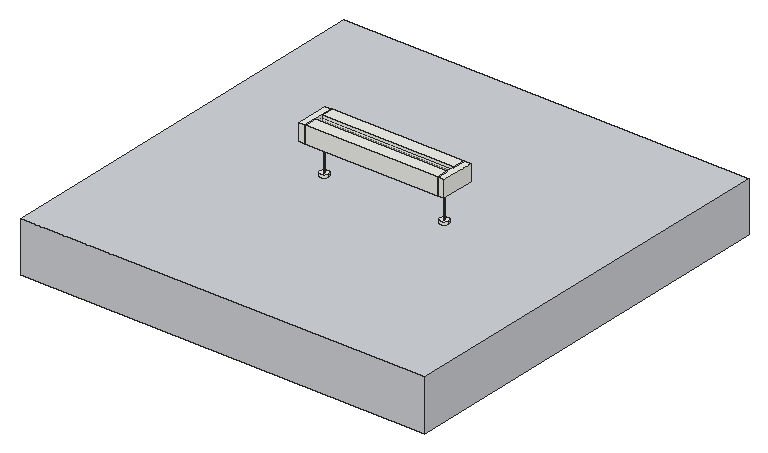
Revit family "LE_D_RE_Pendelleuchte_V1700", category Leuchten, Revit 2017
Family settings
  Basisbauteil = Fläche
  Bemaßung runder Anschluss = Durchmesser verwenden
  Teiletyp = Normal
  OmniClass-Nummer = 23.80.70.00
  OmniClass-Titel = Lighting
  Beim Laden mit Abzugskörper schneiden = Nein
  Lichtquelle = Ja
  Gemeinsam genutzt = Nein
  Raumberechnungspunkt = Nein
Parameters (values of type "Pendelleuchte_20x155")
  pbr_Material_KZ = ""
  pbr_Material = none
  pbr_E_Typ = ""
  pbr_E_KZ = ""
  pbr_DINBild = 0
  pbr_Bild = 0
  Zentrale [instance] = ""
  Wirkleistung [instance] = 0 W
  Wattage = 32 W
  Typenkommentare = "P23"
  Typ = ""
  Text3 = ""
  Text2 = ""
  Text1 = ""
  built-in parameter 1150110 = 1 (stored number, unit not read)
  Spannung [instance] = 0
  Scheinleistung [instance] = 0 VA
  Schaltgruppe2 [instance] = 0
  Schaltgruppe1 [instance] = 0
  Planungsbüro Rohling = "www.pbr.de"
  Menge(Dosenzahl) = 1
  Linie/Anschluss [instance] = ""
  built-in parameter 1114217 = 0.88 (stored number, unit not read)
  Tilt Angle = -90.00°
  built-in parameter 1150109 = 1 (stored number, unit not read)
  built-in parameter 1150134 = 3
  built-in parameter 1150113 = 1 (stored number, unit not read)
  Lampentyp [instance] = ""
  Kommentar zur Wattzahl [instance] = ""
  Installationsart [instance] = ""
  Info = ""
  Gewerk [instance] = "BEL"
  built-in parameter 1010507 = 1.5708 (stored number, unit not read)
  built-in parameter 1010506 = 0.5236 (stored number, unit not read)
  built-in parameter 1150105 = 9629.5 (stored number, unit not read)
  Lumens = 2880 lm
  built-in parameter 1150115 = 1 (stored number, unit not read)
  Lastklassifizierung = Beleuchtung
  built-in parameter 1150131 = 3048 mm
  built-in parameter 1150137 = (empty or 0)
  built-in parameter 1150139 = (empty or 0)
  Material für Lampenverkleidung = Metall - Oberfläche lackiert - elfenbein - Mit Glanz
  Länge der Lichtverkleidung = 800 mm
  Länge 1 = Länge der Lichtverkleidung / 2  # 400 mm
  built-in parameter 1150112 = 1 (stored number, unit not read)
  built-in parameter 1150114 = 1 (stored number, unit not read)
  Lamp = ""
  built-in parameter 1150132 = (empty or 0)
  Breite der Lampenverkleidung = 200 mm
  built-in parameter 1150102 = (empty or 0)
  built-in parameter 1150107 = 3200 (stored number, unit not read)
  built-in parameter 1150138 = (empty or 0)
  built-in parameter 1150106 = 96.295 (stored number, unit not read)
  Von Linienlänge aussenden = Länge der Lichtverkleidung - 76 mm  # 724 mm
  built-in parameter 1150104 = 8.3613 (stored number, unit not read)
  Von Decke hängend = 300 mm
  Farbtemperaturverschiebung bei Dämpfen der Lampe = <Keine Auswahl>
  Diffusormaterial = Glas - Weiß, hohe Luminanz
  Vorgabe-Ansicht = 1200 mm
  Farbfilter = 16777215
  Material für Deckenhalterung = Metall - Oberfläche lackiert - elfenbein - Mit Glanz
  built-in parameter 1140040 [instance] = 1
  Spannung Vorschaltgerät = 230 V
  Phasen Vorschaltgerät = 1
  built-in parameter 1114218 = 1 (stored number, unit not read)
  Länge des Lichtquellensymbols = 3048 mm
  Assembly Code = ""
  Apparent Load = 0 VA
Types (6, lengths in mm): name | Typenkommentare | Länge der Lichtverkleidung | Länge 1 | Breite der Lampenverkleidung | Von Linienlänge aussenden
  Pendelleuchte_20x155 | "P23" | 800 | 400 | 200 | 724
  Pendelleuchte_20x125 | "P22" | 1250 | 625 | 200 | 1174
  Pendelleuchte_10x125 | "P12" | 1250 | 625 | 100 | 1174
  Pendelleuchte_10x65 | "P11" | 800 | 400 | 500 | 724
  Pendelleuchte_10x155 | "P13" | 1550 | 775 | 100 | 1474
  Pendelleuchte_20x65 | "P13" | 650 | 325 | 200 | 574
Reference planes
  plane 1 "Mitte (Vorne/Hinten)": y = 0
  plane 2: z = 0
  plane 3 "Mitte (Links/Rechts)": x = 0
  plane 4: z = 12.7
  plane 5: z = 249.2
  plane 6: z = 198.4
  plane 7: z = 287.3
  plane 8: z = 300
  plane 9: z = 274.6
  plane 10: x = 438.15
  plane 11: x = 400.05
  plane 12: x = -361.95
  plane 13: x = 361.95
  plane 14: z = 211.1
  plane 15: y = 25.4
  plane 16: y = -25.4
  plane 17: y = 100
  plane 18: y = -100
  plane 19: x = -399.95
  plane 20: x = -437.95
Forms (mm)
  Extrusion 1, solid
    sketch origin (0, 0, 0) x (1, 0, 0) y (0, 1, 0)
      loop
        line (-1219.2, 1219.2) -> (-1219.2, -1219.2) -> (1219.2, -1219.2) -> (1219.2, 1219.2) -> (-1219.2, 1219.2)
    from 0 to -304.8
  Extrusion 2, solid, material "Metall - Oberfläche lackiert - elfenbein - Mit Glanz" <- "Material für Deckenhalterung"
    sketch origin (0, 0, 0) x (1, 0, 0) y (0, 1, 0)
      loop
        circle (-361.95, 0) r 25.4
    from 0 to 12.7
  Extrusion 3, solid, material "Metall - Oberfläche lackiert - elfenbein - Mit Glanz" <- "Material für Deckenhalterung"
    sketch origin (0, 0, 0) x (1, 0, 0) y (0, 1, 0)
      loop
        circle (361.95, 0) r 25.4
    from 0 to 12.7
  Extrusion 4, solid, material "Metall - Oberfläche lackiert - elfenbein - Mit Glanz" <- "Material für Deckenhalterung"
    sketch origin (0, 0, 0) x (1, 0, 0) y (0, 1, 0)
      loop
        circle (-361.95, 0) r 3.175
    from 0 to 211.1
  Extrusion 5, solid, material "Metall - Oberfläche lackiert - elfenbein - Mit Glanz" <- "Material für Deckenhalterung"
    sketch origin (0, 0, 0) x (1, 0, 0) y (0, 1, 0)
      loop
        circle (361.95, 0) r 3.175
    from 0 to 211.1
  Extrusion 6, solid, material "Metall - Oberfläche lackiert - elfenbein - Mit Glanz" <- "Material für Lampenverkleidung"
    sketch origin (0, 0, 0) x (0, 1, 0) y (0, 0, 1)
      loop
        line (-98.877, 300) -> (-98.877, 200) -> (101.123, 200) -> (101.123, 300) -> (-98.877, 300)
    from -399.95 to 400.05
  Extrusion 7, solid, material "Metall - Oberfläche lackiert - elfenbein - Mit Glanz" <- "Material für Lampenverkleidung"
    sketch origin (0, 0, 0) x (0, 1, 0) y (0, 0, 1)
      loop
        line (-98.877, 300) -> (-98.877, 200) -> (101.123, 200) -> (101.123, 300) -> (-98.877, 300)
    from 400.05 to 438.15
  Extrusion 8, void
    sketch origin (0, 0, 63.5) x (0, 1, 0) y (0, 0, 1)
      loop
        line (25.4, 236.5) -> (-25.4, 236.5) -> (-25.4, 198.4) -> (25.4, 198.4) -> (25.4, 236.5)
    from -399.95 to 400.05
  Extrusion 9, solid, material "Glas - Weiß, hohe Luminanz" <- "Diffusormaterial"
    sketch origin (0, 0, 0) x (0, 1, 0) y (0, 0, 1)
      loop
        line (-25.4, 274.6) -> (25.4, 274.6) -> (25.4, 287.3) -> (-25.4, 287.3) -> (-25.4, 274.6)
    from -399.95 to 400.05
  Extrusion 10, solid, material "Metall - Oberfläche lackiert - elfenbein - Mit Glanz" <- "Material für Lampenverkleidung"
    sketch origin (0, 0, -70) x (0, 1, 0) y (0, 0, 1)
      loop
        line (-98.877, 370) -> (-98.877, 270) -> (101.123, 270) -> (101.123, 370) -> (-98.877, 370)
    from -437.95 to -399.95
Cuts and joins
  Extrusion 8 cuts Extrusion 6
  joined: Extrusion 3, Extrusion 5
  joined: Extrusion 2, Extrusion 4
Lines and regions (mm)
  symbolic lines, detail levels fine
    curve 1: circle (-361.95, 0, 0) r 25.4 normal (0, 0, 1)
    curve 2: circle (361.95, 0, 0) r 25.4 normal (0, 0, 1)
Dimensions and locks
  locked: plane 4 to plane 2 at 12.7
  locked: plane 8 to plane 9 at 25.4
  locked: plane 8 to plane 7 at 12.7
  equal spacing: plane 8, plane 5, plane 6
  "Von Decke hängend": plane 8 to plane 2
  locked: plane 8 to plane 6 at 101.6
  locked: plane 11 to plane 10 at 38.1
  locked: plane 13 to plane 10 at 76.2
  locked: plane 14 to plane 6 at 12.7
  locked: Extrusion 8 sketch curve to Extrusion 8 sketch curve at 50.8
  equal spacing: Extrusion 8 sketch curve, plane 1 "Mitte (Vorne/Hinten)", Extrusion 8 sketch curve
  "Breite der Lampenverkleidung": plane 17 to plane 18
  equal spacing: plane 17, plane 1 "Mitte (Vorne/Hinten)", plane 18
  locked: plane 20 to plane 19 at 38
  equal spacing: plane 12, plane 3 "Mitte (Links/Rechts)", plane 13
  "Länge der Lichtverkleidung": plane 19 to plane 11
  locked: plane 20 to plane 12 at 76
  aligned and locked: plane 2 to Extrusion 1
  aligned and locked: level to Extrusion 1
  aligned and locked: plane 4 to Extrusion 2
  aligned and locked: plane 4 to Extrusion 3
  aligned and locked: plane 14 to Extrusion 4
  aligned and locked: Extrusion 5 to Extrusion 4
  aligned and locked: Extrusion 5 to level
  aligned and locked: Extrusion 4 to level
  aligned and locked: Extrusion 3 to level
  aligned and locked: Extrusion 2 to level
  aligned and locked: plane 11 to Extrusion 6
  aligned and locked: plane 10 to Extrusion 7
  aligned and locked: Extrusion 7 to plane 11
  aligned and locked: plane 8 to Extrusion 8
  aligned and locked: plane 11 to Extrusion 9
  aligned and locked: plane 12 to curve 1
  aligned and locked: plane 1 "Mitte (Vorne/Hinten)" to curve 1
  aligned and locked: plane 13 to curve 2
  aligned and locked: plane 1 "Mitte (Vorne/Hinten)" to curve 2
  aligned and locked: imposter light to plane 3 "Mitte (Links/Rechts)"
  aligned and locked: imposter light to plane 8
  aligned and locked: plane 11 to cut or joined group of Extrusion 6, Extrusion 8
  aligned and locked: cut or joined group of Extrusion 6, Extrusion 8 to Extrusion 10  (x2)
  aligned and locked: plane 8 to Extrusion 10
  aligned and locked: Extrusion 10 to cut or joined group of Extrusion 6, Extrusion 8
  aligned and locked: cut or joined group of Extrusion 6, Extrusion 8 to Extrusion 7
  aligned and locked: Extrusion 7 to cut or joined group of Extrusion 6, Extrusion 8
  aligned and locked: plane 19 to Extrusion 10
  aligned and locked: Extrusion 10 to plane 20
  aligned and locked: Extrusion 6 to Extrusion 10
  aligned and locked: Extrusion 6 to Extrusion 8
  aligned and locked: cut or joined group of Extrusion 6, Extrusion 8 to Extrusion 9
  aligned and locked: plane 3 "Mitte (Links/Rechts)" to nested 1
  aligned and locked: plane 1 "Mitte (Vorne/Hinten)" to nested 1
Automatic sketch dimensions
  Extrusion 1 sketch curve to Extrusion 1 sketch curve = 2438.4 mm  (x2)
  plane 1 "Mitte (Vorne/Hinten)" to Extrusion 2 sketch curve = 0 mm
  Extrusion 2 sketch curve to plane 12 = 0 mm
  plane 1 "Mitte (Vorne/Hinten)" to Extrusion 3 sketch curve = 0 mm
  Extrusion 3 sketch curve to plane 13 = 0 mm
  plane 1 "Mitte (Vorne/Hinten)" to Extrusion 4 sketch curve = 0 mm
  Extrusion 4 sketch curve to plane 12 = 0 mm
  plane 1 "Mitte (Vorne/Hinten)" to Extrusion 5 sketch curve = 0 mm
  Extrusion 5 sketch curve to plane 13 = 0 mm
  Extrusion 6 sketch curve to plane 8 = 0 mm
  plane 18 to Extrusion 6 sketch curve = 1.123 mm
  plane 17 to Extrusion 6 sketch curve = 1.123 mm
  plane 6 to Extrusion 6 sketch curve = 1.6 mm
  Extrusion 7 sketch curve to plane 8 = 0 mm
  plane 18 to Extrusion 7 sketch curve = 1.123 mm
  plane 17 to Extrusion 7 sketch curve = 1.123 mm
  plane 6 to Extrusion 7 sketch curve = 1.6 mm
  Extrusion 8 sketch curve to plane 8 = 0 mm
  plane 5 to Extrusion 8 sketch curve = 12.7 mm
  Extrusion 9 sketch curve to plane 7 = 0 mm
  Extrusion 9 sketch curve to plane 9 = 0 mm
  plane 1 "Mitte (Vorne/Hinten)" to Extrusion 9 sketch curve = 25.4 mm
  Extrusion 9 sketch curve to plane 1 "Mitte (Vorne/Hinten)" = 25.4 mm
  plane 18 to Extrusion 10 sketch curve = 1.123 mm
  plane 17 to Extrusion 10 sketch curve = 1.123 mm
  plane 6 to Extrusion 10 sketch curve = 1.6 mm
  plane 14 to Extrusion 10 sketch curve = 88.9 mm
  radius of curve 1 = 25.4 mm
  radius of curve 2 = 25.4 mm
  radius of Extrusion 2 sketch curve = 25.4 mm
  radius of Extrusion 3 sketch curve = 25.4 mm
  radius of Extrusion 4 sketch curve = 3.175 mm
  radius of Extrusion 5 sketch curve = 3.175 mm
Nested families
  nested 1: "Pendelleuchte 1flammig" at (0, 0, 0), type "Pendelleuchte 1flammig"
Connectors
  electrical at (0.05, 0, 287.3), driven by "Apparent Load", driven by "Phasen Vorschaltgerät", driven by "Spannung Vorschaltgerät", driven by "Lastklassifizierung"
    settings: on Extrusion 9, index 1, voltage 230 V, apparent load 0 VA, apparent load phase1 0 VA, apparent load phase2 0 VA, apparent load phase3 0 VA, power factor 0.95, load classification "Beleuchtung", number of poles 1, system type 30, power factor state 1, is connector primary yes, connector utility no, sub classification motor no, connector description ""
Definition of nested family "Pendelleuchte 1flammig"
  Parameters (values of type "Pendelleuchte 1flammig")
    pbr_Material_KZ = ""
    pbr_Material = none
    pbr_E_Typ = ""
    pbr_E_KZ = ""
    pbr_DINBild = 0
    pbr_Bild = 0
    Zentrale [instance] = ""
    Wirkungsgrad [instance] = 0 lm/W
    Watt [instance] = 0 W
    Typ = ""
    Text3 = ""
    Text2 = ""
    Text1 = ""
    Spannung [instance] = 0
    Scheinleistung [instance] = 0 VA
    Schaltgruppe2 [instance] = 0
    Schaltgruppe1 [instance] = 0
    Planungsbüro Rohling = "www.pbr.de"
    Menge(Dosenzahl) = 1
    Lastklassifizierung [instance] = none
    Lampentyp [instance] = ""
    Kommentar zur Wattzahl [instance] = ""
    Installationsart [instance] = ""
    Info = ""
    Gewerk = "Beleuchtung"
    Breite 1 = 15 mm
    Länge = 800 mm
    Breite = 500 mm
  Reference planes
    plane 1 "Mitte (Vorne/Hinten)": y = 0
    plane 2: z = 0
    plane 3 "Mitte (Links/Rechts)": x = 0
    plane 4: x = 400
    plane 5: y = 230
    plane 6: y = -230
    plane 7: x = -350.5
    plane 8: x = 350.5
    plane 9: x = -400
    plane 10: y = 250
    plane 11: y = -250
  Lines and regions (mm)
    Filled region 1, type "Beton", in view "Referenzebene"
      outline origin (0, 0, 0) x (1, 0, 0) y (0, 1, 0)
        loop
          line (-400, 230) -> (-400, -230) -> (400, -230) -> (400, 230) -> (-400, 230)
        loop
          circle (-350.5, 0) r 15
        loop
          circle (350.5, 0) r 15
  Dimensions and locks
    equal spacing: plane 10, plane 1 "Mitte (Vorne/Hinten)", plane 11
    "Breite": plane 10 to plane 11
    locked: plane 6 to plane 11 at 20
    locked: plane 10 to plane 5 at 20
    locked: plane 9 to plane 7 at 49.5
    locked: plane 8 to plane 4 at 49.5
    equal spacing: plane 9, plane 3 "Mitte (Links/Rechts)", plane 4
    "Länge": plane 9 to plane 4
    "Breite 1": radius of Filled region 1 sketch curve  (x2)
    aligned and locked: Filled region 1 sketch curve to plane 5
    aligned and locked: plane 6 to Filled region 1 sketch curve
    aligned and locked: Filled region 1 sketch curve to plane 4
    aligned and locked: plane 1 "Mitte (Vorne/Hinten)" to Filled region 1 sketch curve  (x2)
    aligned and locked: plane 7 to Filled region 1 sketch curve
    aligned and locked: plane 8 to Filled region 1 sketch curve
  Automatic sketch dimensions
    Filled region 1 sketch curve to plane 9 = 0 mm
    Filled region 1 sketch curve to plane 6 = 0 mm
